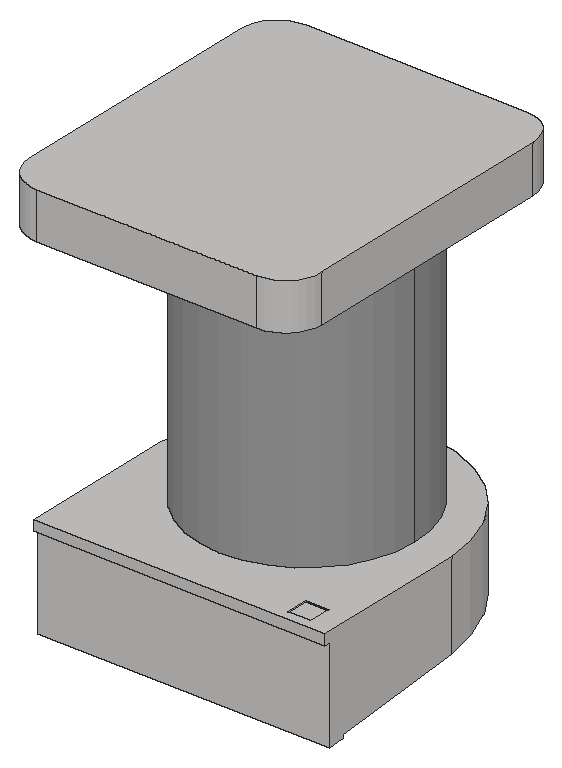
Revit family "HARMANN - AirDot 200", category Mechanical Equipment, host Face, Revit 2022
Family settings
  Host = Face
  Round Connector Dimension = Use Diameter
  Classification = None
  Part Type = Normal
  Cut with Voids When Loaded = No
  Maintain Annotation Orientation = No
  Shared = No
  Room Calculation Point = No
Parameters (values of type "AIRDOT 200 link+")
  Średnica = 195.00 mm  # constant formula
  Zasilanie natężenie maksymalne III biegi Imax = 0.15 A
  Zasilanie napięcie nominalne Unom = 230 V  # constant formula
  Zasilanie Rodzaj Sterowania = "III biegi"  # constant formula
  Zasilanie Moc maksymalna III bieg Pmax = 11.9 VA
  Zasilanie Moc maksymalna II bieg Pmax = 9.8 VA
  Zasilanie Moc maksymalna I bieg Pmax = 7.4 VA
  Zasilanie Ilość faz = 1  # constant formula
  Zasilanie Częstotliwość Nominalna = 50 Hz  # constant formula
  Powietrze ciśnienie statyczne maksymalne III dPmax = 49.0 Pa
  Powietrze ciśnienie statyczne maksymalne II dPmax = 32.0 Pa
  Powietrze ciśnienie statyczne maksymalne I dPmax = 21.0 Pa
  Powietrze Przepływ III bieg Qmax = 360.0 m³/h
  Powietrze Przepływ II bieg Qmax = 252.0 m³/h
  Powietrze Przepływ I bieg Qmax = 144.0 m³/h
  Otwór montażowy = 200.00 mm  # constant formula
  Odsunięcie od poziomu [instance] = 2300.00 mm
  Odległość od podłogi [instance] = "Zalecana wysokość od podłogi - 2.3 m"  # constant formula
  Numer artykułu = "72251668"
  Model = "AIRDOT 200 link+"
  Masa = 5.00 kg
  Manufacturer = "Harmann Polska Sp. z o.o."  # constant formula
  Maksymalna  Temperatura pracy Tmax = 50 °C  # constant formula
  Kierunek przepływu = "Dwukierunkowy"  # constant formula
  Grubość ściany Rzeczywista [instance] = if(Grubość ściany < 250.00 mm, 250.00 mm, if(Grubość ściany > 500.00 mm, 500.00 mm, Grubość ściany))  # 250.00 mm
  Grubość ściany [instance] = 250.00 mm
  Dopuszczalna grugość ściany [instance] = "Wpisz zakres grubości ściany od 250-500 mm"  # constant formula
  Description = "Rekuperatory ścienny"  # constant formula
  Default Elevation = 0.00 mm
  Ciśnienie akustyczne nominalne III Lpa = "32 dB(A)"
  Ciśnienie akustyczne nominalne II Lpa = "22 dB(A)"
  Ciśnienie akustyczne nominalne I Lpa = "21 dB(A)"
  Autor = "https://www.archispace.com/"
Types (3, lengths in mm): name | Odsunięcie od poziomu | Numer artykułu | Model
  (no name) | 2300.00 | "72251668" | "AIRDOT 200 link+"
  AIRDOT 200 link | 500.00 | "72251665" | "AIRDOT 200 link"
  AIRDOT 200 link+ | 2300.00 | "72251668" | "AIRDOT 200 link+"
Reference planes
  plane 1 "Center (Front/Back)": y = 0
  plane 2: z = 0
  plane 3 "Center (Left/Right)": x = 0
  plane 4: x = 130.5
  plane 5: x = -130.5
  plane 6: y = 2555.5
  plane 7: y = 2255.5
  plane 8: z = -250
  plane 9: z = 42
  plane 10: z = -343
  plane 11: y = 2548.5
  plane 12: y = 2300
  plane 13: y = 2433.5
Forms (mm)
  Sweep 1, void
    path origin (0, 200, 0) x (0, 1, 0) y (0, 0, 1)
      loop
        line (2233.5, 0) -> (2233.5, -250)
    profile origin (0, 2433.5, -125) x (1, 0, 0) y (0, 1, 0)
      loop
        circle (0, 0) r 100
  Sweep 2, solid, material "HARMANN - Stal Galwanizowana", detail levels medium+fine
    path origin (0, 0, 0) x (0, 1, 0) y (0, 0, 1)
      loop
        line (0, 42) -> (0, 0)
    profile origin (0, 0, 21) x (1, 0, 0) y (0, 1, 0)
      loop
        line (-130.5, 2523.5) -> (-130.5, 2287.5)
        arc (-130.5, 2287.5) -> (-121.127, 2264.873) -> (-98.5, 2255.5) r 32
        line (-98.5, 2255.5) -> (98.5, 2255.5)
        arc (98.5, 2255.5) -> (121.127, 2264.873) -> (130.5, 2287.5) r 32
        line (130.5, 2287.5) -> (130.5, 2523.5)
        arc (130.5, 2523.5) -> (121.127, 2546.127) -> (98.5, 2555.5) r 32
        line (98.5, 2555.5) -> (-98.5, 2555.5)
        arc (-98.5, 2555.5) -> (-121.127, 2546.127) -> (-130.5, 2523.5) r 32
  Sweep 3, solid, material "HARMANN - Stal Galwanizowana", detail levels medium+fine
    path origin (0, -1219.2, -250) x (-1, 0, 0) y (0, -1, 0)
      loop
        line (-130.5, -3519.2) -> (130.5, -3519.2)
    profile origin (0, 2300, -250) x (0, -1, 0) y (0, 0, 1)
      loop
        line (8.678, 0) -> (-256.262, 0) -> (-255.59, -42.543)
        arc (-255.59, -42.543) -> (-254.535, -46.097) -> (-251.086, -47.454) r 4.228
        line (-251.086, -47.454) -> (-241.841, -48.589) -> (-241.841, -49.582)
        arc (-241.841, -49.582) -> (-227.048, -64.942) -> (-206.668, -71.22) r 42.65
        line (-206.668, -71.22) -> (-11.531, -89.852) -> (-11.531, -91.231)
        arc (-11.531, -91.231) -> (-11.326, -91.962) -> (-10.612, -92.219) r 0.828
        line (-10.612, -92.219) -> (3.806, -93.595) -> (3.806, -9) -> (8.514, -9) -> (8.678, 0)
  Sweep 4, solid, material "HARMANN - Polipropylen"
    path origin (0, 200, 0) x (0, 1, 0) y (0, 0, 1)
      loop
        line (2233.5, 0) -> (2233.5, -250)
    profile origin (0, 2433.5, -125) x (1, 0, 0) y (0, 1, 0)
      loop
        circle (0, 0) r 97.5
  Extrusion 5, void
    sketch origin (0, -1219.2, -250) x (-1, 0, 0) y (0, 1, 0)
      loop
        line (130.5, 3775.462) -> (13.666, 3775.462)
        arc (13.666, 3775.462) -> (95.195, 3736.077) -> (130.5, 3652.7) r 128.474
        line (130.5, 3652.7) -> (130.5, 3775.462)
      loop
        line (-130.5, 3775.462) -> (-130.5, 3652.7)
        arc (-130.5, 3652.7) -> (-95.195, 3736.077) -> (-13.666, 3775.462) r 128.474
        line (-13.666, 3775.462) -> (-130.5, 3775.462)
    from 0 to 93
  Sweep 6, solid, material "HARMANN - Stal Galwanizowana", detail levels coarse
    path origin (0, 0, 0) x (0, 1, 0) y (0, 0, 1)
      loop
        line (0, 42) -> (0, 0)
    profile origin (0, 0, 21) x (1, 0, 0) y (0, 1, 0)
      loop
        line (-130.5, 2555.5) -> (-130.5, 2255.5) -> (130.5, 2255.5) -> (130.5, 2555.5) -> (-130.5, 2555.5)
  Sweep 7, solid, material "HARMANN - Stal Galwanizowana", detail levels coarse
    path origin (0, -1219.2, -250) x (-1, 0, 0) y (0, -1, 0)
      loop
        line (-130.5, -3519.2) -> (130.5, -3519.2)
    profile origin (0, 2300, -250) x (0, -1, 0) y (0, 0, 1)
      loop
        line (8.678, 0) -> (-256.262, 0) -> (-256.262, -93.595) -> (8.678, -93.595) -> (8.678, 0)
  Extrusion 8, void
    sketch origin (130.5, 2556.262, -250) x (-1, 0, 0) y (0, -1, 0)
      loop
        line (40, 236.262) -> (40, 256.262) -> (20, 256.262) -> (20, 236.262) -> (40, 236.262)
    from -1 to 0
Cuts and joins
  Extrusion 5, Extrusion 8 cuts Sweep 3
Dimensions and locks
  locked: plane 5 to plane 4 at 261
  locked: plane 7 to plane 6 at 300
  "Grubość ściany Rzeczywista": level to plane 8
  locked: plane 9 to level at 42
  locked: plane 10 to plane 8 at 93
  locked: plane 13 to plane 6 at 122
  "Odsunięcie od poziomu": plane 12 to plane 1 "Center (Front/Back)"
  locked: plane 6 to plane 12 at 255.5
  locked: plane 11 to plane 12 at 248.5
  equal spacing: plane 5, plane 3 "Center (Left/Right)", plane 4
  locked: Sweep 3 sketch curve to plane 8 at 9
  locked: Sweep 3 sketch curve to plane 8 at 93.595
  locked: Sweep 3 sketch curve to plane 8 at 42.543
  locked: Extrusion 8 sketch curve to plane 4 at 20
  locked: plane 12 to Extrusion 8 sketch curve at 20
  locked: Extrusion 8 sketch curve to plane 4 at 40
  "Otwór montażowy": diameter of Sweep 1 sketch curve
  "Średnica": diameter of Sweep 4 sketch curve
  aligned and locked: plane 2 to host face
  aligned and locked: level to host face
  aligned and locked: level to Sweep 1 sketch curve
  aligned and locked: Sweep 1 sketch curve to plane 8
  aligned and locked: plane 1 "Center (Front/Back)" to Sweep 2 sketch curve
  aligned and locked: level to Sweep 2 sketch curve
  aligned and locked: plane 9 to Sweep 2 sketch curve
  aligned and locked: plane 5 to Sweep 2 sketch curve
  aligned and locked: plane 6 to Sweep 2 sketch curve
  aligned and locked: plane 4 to Sweep 2 sketch curve
  aligned and locked: plane 7 to Sweep 2 sketch curve
  aligned and locked: Sweep 1 sketch curve to plane 13
  aligned and locked: Sweep 3 sketch curve to plane 12
  aligned and locked: plane 8 to Sweep 3 sketch curve
  aligned and locked: plane 2 to Sweep 4 sketch curve
  aligned and locked: Sweep 4 sketch curve to plane 8
  aligned and locked: plane 5 to Sweep 3 sketch curve
  aligned and locked: plane 4 to Sweep 3 sketch curve
  aligned and locked: plane 5 to Extrusion 5 sketch curve
  aligned and locked: plane 4 to Extrusion 5 sketch curve
  aligned and locked: Extrusion 5 to plane 10
  aligned and locked: plane 8 to Extrusion 5
  aligned and locked: plane 9 to Sweep 6 sketch curve
  aligned and locked: plane 2 to Sweep 6 sketch curve
  aligned and locked: plane 5 to Sweep 7 sketch curve
  aligned and locked: plane 4 to Sweep 7 sketch curve
  aligned and locked: Extrusion 8 sketch curve to plane 12
Automatic sketch dimensions
  host sketch curve to host sketch curve = 2438.40 mm
  host sketch curve to host sketch curve = 1565.164 mm
  Sweep 2 sketch curve to Sweep 2 sketch curve = 32.00 mm  (x4)
  Sweep 4 sketch curve to plane 13 = 0.00 mm
  profile plane to Sweep 3 sketch curve = 10.612 mm
  Sweep 3 sketch curve to Sweep 3 sketch curve = 0.108 mm
  Sweep 3 sketch curve to Sweep 3 sketch curve = 0.812 mm
  Sweep 3 sketch curve to profile plane = 28.616 mm
  Sweep 3 sketch curve to Sweep 3 sketch curve = 193.169 mm
  Sweep 3 sketch curve to profile plane = 71.22 mm
  Sweep 3 sketch curve to Sweep 3 sketch curve = 1.968 mm
  Sweep 3 sketch curve to profile plane = 48.589 mm
  Sweep 3 sketch curve to Sweep 3 sketch curve = 35.173 mm
  Sweep 3 sketch curve to profile plane = 47.454 mm
  Sweep 3 sketch curve to Sweep 3 sketch curve = 9.245 mm
  Sweep 3 sketch curve to Sweep 3 sketch curve = 0.333 mm
  Sweep 3 sketch curve to Sweep 3 sketch curve = 4.171 mm
  Sweep 3 sketch curve to Sweep 3 sketch curve = 0.672 mm
  Sweep 3 sketch curve to profile plane = 3.806 mm
  Sweep 3 sketch curve to Sweep 3 sketch curve = 1.379 mm
  Sweep 3 sketch curve to Sweep 3 sketch curve = 0.166 mm
  Sweep 3 sketch curve to Sweep 3 sketch curve = 1.377 mm
  Sweep 3 sketch curve to Sweep 3 sketch curve = 4.707 mm
  Sweep 3 sketch curve to Sweep 3 sketch curve = 0.164 mm
  plane 13 to Extrusion 5 sketch curve = 0.00 mm  (x2)
  plane 3 "Center (Left/Right)" to Extrusion 5 sketch curve = 2.131 mm
  plane 3 "Center (Left/Right)" to Extrusion 5 sketch curve = 13.666 mm
  Extrusion 5 sketch curve to plane 3 "Center (Left/Right)" = 2.131 mm
  Extrusion 5 sketch curve to plane 6 = 0.762 mm  (x2)
  Extrusion 5 sketch curve to Extrusion 5 sketch curve = 0.00 mm
  Sweep 6 sketch curve to plane 1 "Center (Front/Back)" = 0.00 mm
  Sweep 6 sketch curve to plane 3 "Center (Left/Right)" = 130.50 mm
  plane 3 "Center (Left/Right)" to Sweep 6 sketch curve = 130.50 mm
  Sweep 6 sketch curve to profile plane = 2255.50 mm
  plane 12 to Sweep 7 sketch curve = 0.00 mm
  Sweep 6 sketch curve to Sweep 6 sketch curve = 300.00 mm
  Sweep 7 sketch curve to plane 8 = 0.00 mm
  profile plane to Sweep 7 sketch curve = 256.262 mm
  Sweep 7 sketch curve to profile plane = 8.678 mm
  plane 8 to Sweep 7 sketch curve = 93.595 mm
  Sweep 1 sketch curve to plane 3 "Center (Left/Right)" = 0.00 mm
  profile plane to Sweep 1 sketch curve = 0.00 mm
  Sweep 4 sketch curve to plane 3 "Center (Left/Right)" = 0.00 mm
  profile plane to Sweep 4 sketch curve = 0.00 mm
Connectors
  electrical at (100.5, 2310, -251), driven by "Zasilanie Ilość faz", driven by "Zasilanie napięcie nominalne Unom", driven by "Zasilanie Moc maksymalna I bieg Pmax"
    settings: on cut or joined group of Sweep 3, Extrusion 5, Extrusion 8, index 1, voltage 230 V, apparent load 7.4 VA, apparent load phase1 0 VA, apparent load phase2 0 VA, apparent load phase3 0 VA, power factor 1, load classification "Other", number of poles 1, system type 31, power factor state 1, is connector primary yes, connector utility no, sub classification motor no, connector description ""
